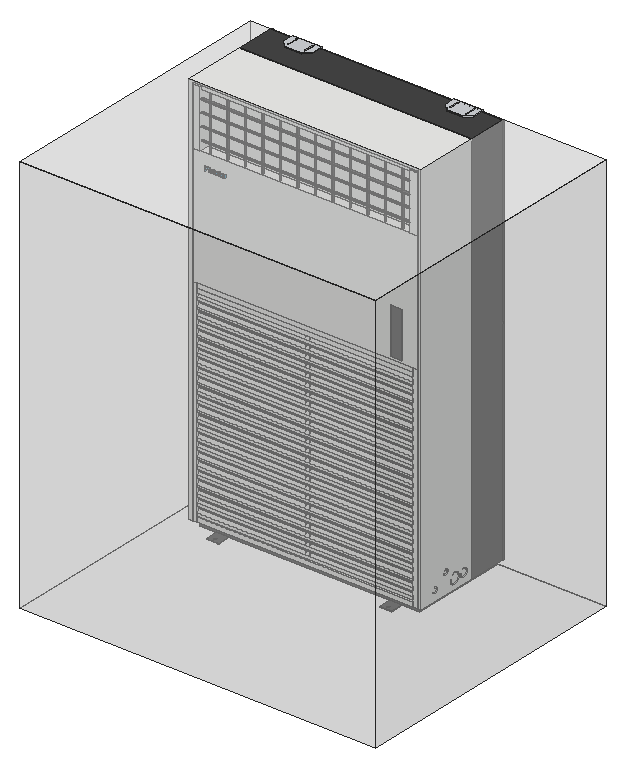
Revit family "outputfile", category 機械設備, Revit 2024
Family settings
  丸型コネクタ寸法 = 半径を使用
  パーツ タイプ = 標準
  OmniClass 番号 = 23.75.10.24.21.27.27
  OmniClass タイトル = Split System Air Conditioning Units
  作業面ベース = いいえ
  常に垂直 = はい
  ロード時にボイドで切り取り = いいえ
  注釈の向きを維持 = いいえ
  共有 = いいえ
  部屋計算ポイント = いいえ
Parameters (values of type "FVGR13PVL")
  Description = ""
  書き出し IFC クラス(タイプ) = "IfcUnitaryEquipmentType"
  定義済み IFC タイプ(タイプ) = "AIRCONDITIONINGUNIT"
  Cost = 0
  Type Comments = ""
  Keynote = ""
  Type Image = (empty or 0)
  Assembly Code = ""
  switch_frequency = yes
  lw_powersupply [instance] = if(Rear Connection_refrigerant, S + Rear_powerinput, Width / 2)  # 564.5 mm
  lw_liquidpipe [instance] = if(Rear Connection_refrigerant, S, Width / 2)  # 564.5 mm
  lw_gaspipe [instance] = if(Rear Connection_refrigerant, S + Rear_gas, Width / 2)  # 564.5 mm
  lw_drain [instance] = if(Rear Connection_refrigerant, S + Rear_drain, Width / 2)  # 564.5 mm
  lh_powersupply [instance] = if(and(Width = 1279.0 mm, Right Connection_refrigerant), 132.0 mm, if(Rear Connection_refrigerant, 83.0 mm, 82.0 mm))  # 82.0 mm
  lh_liquidpipe [instance] = if(Rear Connection_refrigerant, 83.0 mm, 132.0 mm)  # 132.0 mm
  lh_gaspipe [instance] = if(Rear Connection_refrigerant, 83.0 mm, 82.0 mm)  # 82.0 mm
  lh_drain [instance] = if(Rear Connection_refrigerant, 83.0 mm, 82.0 mm)  # 82.0 mm
  ld_powersupply [instance] = 82.0 mm  # constant formula
  ld_liquidpipe [instance] = if(Left Connection_refrigerant, 202.0 mm, 147.0 mm)  # 147.0 mm
  ld_gaspipe [instance] = 202.0 mm  # constant formula
  ld_drain [instance] = 257.0 mm  # constant formula
  l_powersupply [instance] = if(Rear Connection_refrigerant, Depth - ld_powersupply, Width / 2)  # 564.5 mm
  l_liquidpipe [instance] = if(Rear Connection_refrigerant, Depth - ld_liquidpipe, Width / 2)  # 564.5 mm
  l_gaspipe [instance] = if(Rear Connection_refrigerant, Depth - ld_gaspipe, Width / 2)  # 564.5 mm
  l_drain [instance] = if(Rear Connection_refrigerant, Depth - ld_drain, Width / 2)  # 564.5 mm
  h_mountinghole = 1.5 mm  # constant formula
  connector_voltage = Voltage_60Hz  # 220 V
  connector_powerinput = [Power Input (Cooling)]  # 12.020 kW
  connector_phase = Phase_60Hz  # 1
  URL = ""
  Rear_powerinput = if(Width = 1279.0 mm, 345.0 mm, if(Width = 1129.0 mm, 295.0 mm, 100.0 mm))  # 295.0 mm
  Rear_gas = if(Width = 959.0 mm, 300.0 mm, 100.0 mm)  # 100.0 mm
  angle_horizontal [instance] = if(Rear Connection_refrigerant, 180.00°, if(Left Connection_refrigerant, 270.00°, 90.00°))  # 90.00°
  Z = if(Width = 1279.0 mm, 50.0 mm, 0.0 mm)  # 0.0 mm
  Voltage_comment_60Hz = "220"
  Voltage_60Hz = 220 V
  S = if(or(Width = 1279.0 mm, Width = 1129.0 mm), 385.0 mm, 220.0 mm)  # 385.0 mm
  Right Connection_refrigerant [instance] = yes
  製造元 = "Daikin"
  モデル = "FVGR13PVL"
  r_Liquid Pipe Size = Liquid Pipe Size / 2  # 6.35 mm
  r_Gas Pipe Size = Gas Pipe Size / 2  # 14.3 mm
  r_Drain Pipe Size = Drain Pipe Size / 2  # 12.7 mm
  h*** = 0.0 mm  # constant formula
  Width = 1129.0 mm
  Version = "ver.1.0"
  Unit Type = "Floor Standing"
  Unit Mass Weight = 155.00 kg
  Unit Designation [instance] = ""
  Uniclass2015Version = "Products v1.30"
  Uniclass2015Title = "Split coil room air conditioning units"
  Uniclass2015Code = "Pr_70_65_03_86"
  Total Cooling Capacity [instance] = 0.000 kW
  Sound Pressure Level_M speed (dBA) = 61
  Sound Pressure Level_L speed (dBA) = 58
  Sound Pressure Level_H speed (dBA) = 65
  Sound Power Level_H speed (dB) = 0
  Series = "Package Aircon_Fan Coil Unit"
  Sensible Cooling Capacity [instance] = 0.000 kW
  Refrigerant Type = "R410A"
  Rear_drain = if(Width = 959.0 mm, 200.0 mm, 195.0 mm)  # 195.0 mm
  Rear Connection_refrigerant [instance] = no
  Power Input (Cooling) = 12.020 kW
  Phase_60Hz = 1
  Option Accessory 3 [instance] = ""
  Option Accessory 2 [instance] = ""
  Option Accessory 1 [instance] = ""
  Nominal Cooling Capacity = 35.500 kW
  Minimum External Static Pressure = 0.00 Pa
  Minimum Circuit Amps_60Hz = 0.0 A
  Minimum Airflow = 4248.00 m³/h
  Median Airflow = 4927.00 m³/h
  Maximum Fuse Amps_60Hz = 0.0 A
  Maximum External Static Pressure = 0.00 Pa
  Maximum Airflow = 5777.00 m³/h
  Material_Casing = DAIKIN_White_Casing_indoorunit
  M = if(Width = 1279.0 mm, 200.0 mm, 124.0 mm)  # 124.0 mm
  Load Classification = HVAC
  Liquid Pipe Size = 12.7 mm
  Link_Nested Family [instance] = ""
  Left Connection_refrigerant [instance] = no
  IfcVersion = ""
  IfcExportType = "AIRCONDITIONINGUNIT"
  IfcExportAs = "IfcUnitaryEquipmentType"
  Height = 1947.0 mm  # constant formula
  Heat Exchanger Type = "Cross Fin Coil"
  Gas Pipe Size = 28.6 mm
  Frequency_60Hz = 60 Hz
  Fan Type = "Sirocco Fan"
  Fan Drive = "-"
  FCU Tag No. [instance] = ""
  Drain Pipe Size = 25.4 mm
  Design Supply Airflow [instance] = 0.00 m³/h
  Design External Static Pressure [instance] = 0.00 Pa
  Depth = 500.0 mm
  既定の高さ = 0.0 mm
  Cooling Entering Wet Bulb Temperature [instance] = 0.00 °C
  Cooling Entering Dry Bulb Temperature [instance] = 0.00 °C
  Cooling Ambient Wet Bulb Temperature [instance] = 0.00 °C
  Cooling Ambient Dry Bulb Temperature [instance] = 0.00 °C
  Clearance visibility [instance] = yes
  Clearance Top = 0.0 mm
  Clearance Right [instance] = if(Right Connection_refrigerant, 500.0 mm, 100.0 mm)  # 500.0 mm
  Clearance Rear [instance] = if(Rear Connection_refrigerant, 500.0 mm, 0.0 mm)  # 0.0 mm
  Clearance Left [instance] = if(Left Connection_refrigerant, 500.0 mm, 100.0 mm)  # 100.0 mm
  Clearance Front = 900.0 mm
  Clearance Bottom = 0.0 mm
Reference planes
  plane 1: z = 0
  plane 2 "Center (Left/Right)": x = 0
  plane 3 "Center (Front/Back)": y = 157.5
  plane 4 "Front": y = -92.5
  plane 5 "Left": x = -564.5
  plane 6 "Right": x = 564.5
  plane 7 "Top": z = 1947
  plane 8: z = 1947
  plane 9: z = 0
  plane 10 "Bottom": z = 0
  plane 11 "Back": y = 407.5
  plane 12: y = 407.5
  plane 13: y = -992.5
  plane 14: x = -664.5
  plane 15: x = 1064.5
  plane 16: z = 31
  plane 17: z = 1597
  plane 18: x = -484.5
  plane 19 "c1": x = -535
  plane 20 "c2": x = 535
  plane 21 "j2": y = 402.3
  plane 22 "j1": y = -62.7
  plane 23 "R_F": y = -10.5
  plane 24 "R_G": y = 109.5
  plane 25 "R_H": y = 164.5
  plane 26 "R_X": y = 54.5
  plane 27 "R_Y": z = 82
  plane 28 "R_Z": z = 132
  plane 29 "R_interunit wiring": z = 82
  plane 30 "M": x = 440.5
  plane 31 "S": x = -179.5
  plane 32 "背面ガス": x = -79.5
  plane 33 "背面ドレン": x = 15.5
  plane 34 "背面電源": x = 115.5
  plane 35 "lh_drain": z = 82
  plane 36 "lh_gaspipe": z = 82
  plane 37 "lh_liquidpipe": z = 132
  plane 38 "lh_powersupply": z = 82
  plane 39 "lw_liquidpipe": x = 0
  plane 40 "lw_gaspipe": x = 0
  plane 41 "lw_drain": x = 0
  plane 42 "lw_powersupply": x = 0
  plane 43 "ld_powersupply": y = -10.5
  plane 44 "ld_drain": y = 164.5
  plane 45 "ld_gaspipe": y = 109.5
  plane 46 "ld_liquidpipe": y = 54.5
Forms (mm)
  Extrusion 1, solid, material "DAIKIN_Black_logo"
    sketch origin (0, 0, 0) x (-1, 0, 0) y (0, -1, 0)
      loop
        line (564.5, -405.8) -> (564.5, -215.8) -> (-564.5, -215.8) -> (-564.5, -405.8) -> (564.5, -405.8)
    from 31 to 1947
  Extrusion 2, solid, material "DAIKIN_White_Casing_indoorunit" <- "Material_Casing"
    sketch origin (0, 0, 0) x (-1, 0, 0) y (0, -1, 0)
      loop
        line (564.5, -215.8) -> (564.5, 92.5) -> (-564.5, 92.5) -> (-564.5, -215.8) -> (564.5, -215.8)
    from 31 to 1947
  Extrusion 3, solid, material "DAIKIN_Black_logo"
    sketch origin (0, 0, 0) x (-1, 0, 0) y (0, -1, 0)
      loop
        line (564.5, -407.5) -> (564.5, -405.8) -> (-564.5, -405.8) -> (-564.5, -407.5) -> (564.5, -407.5)
    from 31 to 1071
  Extrusion 4, solid, material "DAIKIN_Black_logo"
    sketch origin (0, 0, 0) x (-1, 0, 0) y (0, -1, 0)
      loop
        line (564.5, -407.5) -> (564.5, -405.8) -> (-564.5, -405.8) -> (-564.5, -407.5) -> (564.5, -407.5)
    from 1071 to 1947
  Extrusion 5, void
    sketch origin (0, -92.5, 0) x (-1, 0, 0) y (0, 0, 1)
      loop
        line (547.5, 1939.2) -> (-547.5, 1939.2) -> (-547.5, 31) -> (547.5, 31) -> (547.5, 1939.2)
    from 0 to 50
  Extrusion 6, solid, material "DAIKIN_Black_logo"
    sketch origin (0, 0, 0) x (-1, 0, 0) y (0, -1, 0)
      loop
        line (535, -402.3) -> (535, 62.7) -> (-535, 62.7) -> (-535, -402.3) -> (535, -402.3)
    from 0 to 31
  Extrusion 7, solid, material "DAIKIN_White_Casing_indoorunit" <- "Material_Casing"
    sketch origin (564.5, 0, 0) x (0, 1, 0) y (0, 0, 1)
      loop
        circle (54.5, 132) r 12.7
      loop
        circle (54.5, 132) r 11.5
    from 0 to -2
  Extrusion 8, solid, material "DAIKIN_White_Casing_indoorunit" <- "Material_Casing"
    sketch origin (564.5, 0, 0) x (0, 1, 0) y (0, 0, 1)
      loop
        circle (109.5, 82) r 25.4
      loop
        circle (109.5, 82) r 24.2
    from 0 to -3
  Extrusion 9, solid, material "DAIKIN_White_Casing_indoorunit" <- "Material_Casing"
    sketch origin (564.5, 0, 0) x (0, 1, 0) y (0, 0, 1)
      loop
        circle (164.5, 82) r 19.05
      loop
        circle (164.5, 82) r 17.85
    from 0 to -3
  Extrusion 10, solid, material "DAIKIN_White_Casing_indoorunit" <- "Material_Casing"
    sketch origin (564.5, 0, 0) x (0, 1, 0) y (0, 0, 1)
      loop
        circle (-10.5, 82) r 12.7
      loop
        circle (-10.5, 82) r 11.5
    from 0 to -3
  Extrusion 11, solid, material "DAIKIN_White_Casing_indoorunit" <- "Material_Casing"
    sketch origin (-564.5, 0, 0) x (0, 1, 0) y (0, 0, 1)
      loop
        circle (109.5, 132) r 12.7
      loop
        circle (109.5, 132) r 11.5
    from 0 to 3
  Extrusion 12, solid, material "DAIKIN_White_Casing_indoorunit" <- "Material_Casing"
    sketch origin (-564.5, 0, 0) x (0, 1, 0) y (0, 0, 1)
      loop
        circle (109.5, 82) r 25.4
      loop
        circle (109.5, 82) r 24.2
    from 0 to 3
  Extrusion 13, solid, material "DAIKIN_White_Casing_indoorunit" <- "Material_Casing"
    sketch origin (-564.5, 0, 0) x (0, 1, 0) y (0, 0, 1)
      loop
        circle (164.5, 82) r 19.05
      loop
        circle (164.5, 82) r 17.85
    from 0 to 3
  Extrusion 14, solid, material "DAIKIN_White_Casing_indoorunit"
    sketch origin (-564.5, 0, 0) x (0, 1, 0) y (0, 0, 1)
      loop
        circle (-10.5, 82) r 12.7
      loop
        circle (-10.5, 82) r 11.5
    from 0 to 3
  Extrusion 15, solid, material "DAIKIN_White_Casing_indoorunit"
    sketch origin (0, 407.5, 0) x (-1, 0, 0) y (0, 0, 1)
      loop
        line (-440.5, 182) -> (-440.5, 82) -> (-215.5, 82) -> (-215.5, 182) -> (-440.5, 182)
    from 0 to -1.7
  Extrusion 16, solid, material "DAIKIN_White_Casing_indoorunit" <- "Material_Casing"
    sketch origin (0, 407.5, 0) x (-1, 0, 0) y (0, 0, 1)
      loop
        circle (179.5, 83) r 12.7
      loop
        circle (179.5, 83) r 11.5
    from 0 to -1.7
  Extrusion 17, solid, material "DAIKIN_White_Casing_indoorunit" <- "Material_Casing"
    sketch origin (0, 407.5, 0) x (-1, 0, 0) y (0, 0, 1)
      loop
        circle (79.5, 83) r 25.4
      loop
        circle (79.5, 83) r 24.2
    from 0 to -1.7
  Extrusion 18, solid, material "DAIKIN_White_Casing_indoorunit" <- "Material_Casing"
    sketch origin (0, 407.5, 0) x (-1, 0, 0) y (0, 0, 1)
      loop
        circle (-15.5, 83) r 19.05
      loop
        circle (-15.5, 83) r 17.85
    from 0 to -1.7
  Extrusion 19, solid, material "DAIKIN_White_Casing_indoorunit" <- "Material_Casing"
    sketch origin (0, 407.5, 0) x (-1, 0, 0) y (0, 0, 1)
      loop
        circle (-115.5, 83) r 12.7
      loop
        circle (-115.5, 83) r 11.473
    from 0 to -1.7
Cuts and joins
  Extrusion 5 cuts Extrusion 2
Dimensions and locks
  "h***": plane 10 "Bottom" to plane 1
  "Clearance Bottom": plane 10 "Bottom" to plane 9
  "Height": plane 7 "Top" to plane 10 "Bottom"
  "Clearance Top": plane 8 to plane 7 "Top"
  equal spacing: plane 11 "Back", plane 3 "Center (Front/Back)", plane 4 "Front"
  "Depth": plane 11 "Back" to plane 4 "Front"
  "Clearance Rear": plane 12 to plane 11 "Back"
  "Clearance Front": plane 4 "Front" to plane 13
  "Clearance Left": plane 14 to plane 5 "Left"
  "Clearance Right": plane 6 "Right" to plane 15
  equal spacing: plane 5 "Left", plane 2 "Center (Left/Right)", plane 6 "Right"
  "Width": plane 5 "Left" to plane 6 "Right"
  locked: plane 11 "Back" to Extrusion 1 sketch curve at 191.7
  locked: Extrusion 1 sketch curve to Extrusion 1 sketch curve at 190
  locked: plane 16 to plane 10 "Bottom" at 31
  Extrusion 5 sketch curve to plane 5 "Left" = 17.0 mm
  plane 6 "Right" to Extrusion 5 sketch curve = 17.0 mm
  plane 7 "Top" to Extrusion 5 sketch curve = 7.8 mm
  locked: plane 7 "Top" to plane 17 at 350
  locked: plane 18 to plane 5 "Left" at 80
  locked: plane 21 "j2" to plane 11 "Back" at 5.2
  locked: plane 4 "Front" to plane 22 "j1" at 29.8
  locked: plane 20 "c2" to plane 6 "Right" at 29.5
  locked: plane 5 "Left" to plane 19 "c1" at 29.5
  locked: plane 4 "Front" to plane 23 "R_F" at 82
  locked: plane 23 "R_F" to plane 24 "R_G" at 120
  locked: plane 24 "R_G" to plane 25 "R_H" at 55
  locked: plane 4 "Front" to plane 26 "R_X" at 147
  locked: plane 27 "R_Y" to plane 10 "Bottom" at 82
  locked: plane 28 "R_Z" to plane 27 "R_Y" at 50
  "Z": plane 29 "R_interunit wiring" to plane 27 "R_Y"
  "M": plane 6 "Right" to plane 30 "M"
  locked: Extrusion 15 sketch curve to Extrusion 15 sketch curve at 225
  locked: plane 10 "Bottom" to Extrusion 15 sketch curve at 82
  locked: Extrusion 15 sketch curve to Extrusion 15 sketch curve at 100
  "S": plane 31 "S" to plane 5 "Left"
  locked: plane 16 to Extrusion 16 sketch curve at 52  (x2)
  "Rear_gas": plane 31 "S" to plane 32 "背面ガス"
  locked: plane 16 to Extrusion 17 sketch curve at 52
  "Rear_drain": plane 33 "背面ドレン" to plane 31 "S"
  locked: plane 16 to Extrusion 18 sketch curve at 52  (x2)
  "Rear_powerinput": plane 31 "S" to plane 34 "背面電源"
  locked: plane 16 to Extrusion 19 sketch curve at 52  (x2)
  "lh_liquidpipe": plane 37 "lh_liquidpipe" to plane 10 "Bottom"
  "lh_gaspipe": plane 36 "lh_gaspipe" to plane 10 "Bottom"
  "lh_drain": plane 35 "lh_drain" to plane 10 "Bottom"
  "lh_powersupply": plane 38 "lh_powersupply" to plane 10 "Bottom"
  "lw_liquidpipe": plane 5 "Left" to plane 39 "lw_liquidpipe"
  "lw_gaspipe": plane 5 "Left" to plane 40 "lw_gaspipe"
  "lw_drain": plane 5 "Left" to plane 41 "lw_drain"
  "lw_powersupply": plane 5 "Left" to plane 42 "lw_powersupply"
  "ld_liquidpipe": plane 46 "ld_liquidpipe" to plane 4 "Front"
  "ld_gaspipe": plane 45 "ld_gaspipe" to plane 4 "Front"
  "ld_drain": plane 44 "ld_drain" to plane 4 "Front"
  "ld_powersupply": plane 43 "ld_powersupply" to plane 4 "Front"
  aligned and locked: level to plane 1
  aligned and locked: plane 8 to nested 1
  aligned and locked: plane 9 to nested 1
  aligned and locked: plane 12 to nested 1
  aligned and locked: nested 1 to plane 13
  aligned and locked: plane 14 to nested 1
  aligned and locked: plane 15 to nested 1
  aligned and locked: plane 5 "Left" to Extrusion 1 sketch curve
  aligned and locked: Extrusion 1 sketch curve to plane 6 "Right"
  aligned and locked: plane 7 "Top" to Extrusion 1
  aligned and locked: Extrusion 1 to plane 16
  aligned and locked: Extrusion 2 sketch curve to Extrusion 1
  aligned and locked: plane 5 "Left" to Extrusion 2 sketch curve
  aligned and locked: Extrusion 2 sketch curve to plane 6 "Right"
  aligned and locked: plane 4 "Front" to Extrusion 2 sketch curve
  aligned and locked: Extrusion 2 to plane 16
  aligned and locked: plane 7 "Top" to Extrusion 2
  aligned and locked: plane 5 "Left" to Extrusion 3 sketch curve
  aligned and locked: Extrusion 3 sketch curve to plane 6 "Right"
  aligned and locked: Extrusion 3 sketch curve to plane 11 "Back"
  aligned and locked: Extrusion 3 sketch curve to Extrusion 1
  aligned and locked: Extrusion 3 to plane 16
  aligned and locked: Extrusion 4 sketch curve to plane 11 "Back"
  aligned and locked: Extrusion 4 sketch curve to plane 5 "Left"
  aligned and locked: plane 6 "Right" to Extrusion 4 sketch curve
  aligned and locked: Extrusion 4 sketch curve to Extrusion 3
  aligned and locked: plane 7 "Top" to Extrusion 4
  aligned and locked: plane 4 "Front" to nested 2
  aligned and locked: plane 2 "Center (Left/Right)" to nested 2
  aligned and locked: plane 10 "Bottom" to nested 2
  aligned and locked: plane 16 to Extrusion 5 sketch curve
  aligned and locked: nested 3 to plane 4 "Front"
  aligned and locked: plane 17 to nested 3
  aligned and locked: plane 18 to nested 3
  aligned and locked: Extrusion 6 sketch curve to plane 21 "j2"
  aligned and locked: Extrusion 6 sketch curve to plane 19 "c1"
  aligned and locked: plane 20 "c2" to Extrusion 6 sketch curve
  aligned and locked: plane 22 "j1" to Extrusion 6 sketch curve
  aligned and locked: plane 16 to Extrusion 6
  aligned and locked: Extrusion 6 to plane 10 "Bottom"
  aligned and locked: nested 4 to plane 3 "Center (Front/Back)"
  aligned and locked: plane 2 "Center (Left/Right)" to nested 4
  aligned and locked: plane 10 "Bottom" to nested 4
  aligned and locked: plane 28 "R_Z" to Extrusion 7 sketch curve  (x2)
  aligned and locked: Extrusion 7 sketch curve to plane 26 "R_X"  (x2)
  aligned and locked: Extrusion 8 sketch curve to plane 24 "R_G"
  aligned and locked: plane 27 "R_Y" to Extrusion 8 sketch curve
  aligned and locked: Extrusion 9 sketch curve to plane 25 "R_H"  (x2)
  aligned and locked: plane 27 "R_Y" to Extrusion 9 sketch curve  (x2)
  aligned and locked: Extrusion 10 sketch curve to plane 23 "R_F"  (x2)
  aligned and locked: plane 29 "R_interunit wiring" to Extrusion 10 sketch curve  (x2)
  aligned and locked: plane 28 "R_Z" to Extrusion 11 sketch curve  (x2)
  aligned and locked: plane 24 "R_G" to Extrusion 11 sketch curve  (x2)
  aligned and locked: plane 24 "R_G" to Extrusion 12 sketch curve
  aligned and locked: plane 27 "R_Y" to Extrusion 12 sketch curve
  aligned and locked: plane 25 "R_H" to Extrusion 13 sketch curve  (x2)
  aligned and locked: plane 27 "R_Y" to Extrusion 13 sketch curve  (x2)
  aligned and locked: plane 23 "R_F" to Extrusion 14 sketch curve  (x2)
  aligned and locked: plane 27 "R_Y" to Extrusion 14 sketch curve  (x2)
  aligned and locked: Extrusion 15 sketch curve to plane 30 "M"
  aligned and locked: plane 31 "S" to Extrusion 16 sketch curve  (x2)
  aligned and locked: Extrusion 17 sketch curve to plane 32 "背面ガス"  (x2)
  aligned and locked: Extrusion 18 sketch curve to plane 33 "背面ドレン"  (x2)
  aligned and locked: Extrusion 19 sketch curve to plane 34 "背面電源"  (x2)
  aligned and locked: nested 10 to plane 40 "lw_gaspipe"
  aligned and locked: nested 12 to plane 42 "lw_powersupply"
  aligned and locked: nested 11 to plane 41 "lw_drain"
  aligned and locked: nested 9 to plane 39 "lw_liquidpipe"
  aligned and locked: nested 9 to plane 46 "ld_liquidpipe"
  aligned and locked: nested 10 to plane 45 "ld_gaspipe"
  aligned and locked: nested 11 to plane 44 "ld_drain"
  aligned and locked: nested 12 to plane 43 "ld_powersupply"
  aligned and locked: nested 13 to plane 11 "Back"
  aligned and locked: plane 2 "Center (Left/Right)" to nested 13
  aligned and locked: plane 7 "Top" to nested 13
Automatic sketch dimensions
  Extrusion 8 sketch curve to Extrusion 8 sketch curve = 0.0 mm  (x2)
  Extrusion 12 sketch curve to Extrusion 12 sketch curve = 0.0 mm  (x2)
  Extrusion 17 sketch curve to Extrusion 17 sketch curve = 0.0 mm
  radius of Extrusion 7 sketch curve = 12.7 mm
  radius of Extrusion 7 sketch curve = 11.5 mm
  radius of Extrusion 8 sketch curve = 25.4 mm
  radius of Extrusion 8 sketch curve = 24.2 mm
  radius of Extrusion 9 sketch curve = 19.05 mm
  radius of Extrusion 9 sketch curve = 17.85 mm
  radius of Extrusion 10 sketch curve = 12.7 mm
  radius of Extrusion 10 sketch curve = 11.5 mm
  radius of Extrusion 11 sketch curve = 12.7 mm
  radius of Extrusion 11 sketch curve = 11.5 mm
  radius of Extrusion 12 sketch curve = 25.4 mm
  radius of Extrusion 12 sketch curve = 24.2 mm
  radius of Extrusion 13 sketch curve = 19.05 mm
  radius of Extrusion 13 sketch curve = 17.85 mm
  radius of Extrusion 14 sketch curve = 12.7 mm
  radius of Extrusion 14 sketch curve = 11.5 mm
  radius of Extrusion 16 sketch curve = 12.7 mm
  radius of Extrusion 16 sketch curve = 11.5 mm
  radius of Extrusion 17 sketch curve = 25.4 mm
  radius of Extrusion 17 sketch curve = 24.2 mm
  radius of Extrusion 18 sketch curve = 19.05 mm
  radius of Extrusion 18 sketch curve = 17.85 mm
  radius of Extrusion 19 sketch curve = 12.7 mm
  radius of Extrusion 19 sketch curve = 11.473 mm
Nested families
  nested 1: "daikin_clearancespace" at (200, -292.5, 973.619), visible <- "Clearance visibility", show <- "Clearance visibility", Link_Nested Family <- "Link_Nested Family", type "daikin_clearancespace"
    with width 1729.0 mm, show yes, height 1947.0 mm, depth 1400.0 mm, Link_Nested Family ""
  nested 2: "daikin_round flow_panel" at (0, -42.5, 0), type "daikin_round flow_panel"
    with n 12, A 1129.0 mm
  nested 3: "daikin_logo_elevation_w100" at (-419.5, -92.5, 1572), type "daikin_logo_elevation_w100"
    with show_logo yes
  nested 4: "daikin_unit monting plae" at (0, 157.5, 0), type "daikin_unit monting plae"
    with u 145.0 mm, U 840.0 mm, A 1129.0 mm
  nested 5: "daikin_mountinghole" at (-419.5, 452.3, 0), type "daikin_mountinghole"
    with show yes, l_antenna 1946.5 mm, h_mountinghole 1.5 mm, Link_Nested Family ""
  nested 6: "daikin_mountinghole" at (-419.5, -112.7, 0), type "daikin_mountinghole"
    with show yes, l_antenna 1946.5 mm, h_mountinghole 1.5 mm, Link_Nested Family ""
  nested 7: "daikin_mountinghole" at (420.5, -112.7, 0), type "daikin_mountinghole"
    with show yes, l_antenna 1946.5 mm, h_mountinghole 1.5 mm, Link_Nested Family ""
  nested 8: "daikin_mountinghole" at (420.5, 452.3, 0), type "daikin_mountinghole"
    with show yes, l_antenna 1946.5 mm, h_mountinghole 1.5 mm, Link_Nested Family ""
  nested 9: "daikin_connector_rotate3" at (0, 54.5, 132), radius <- "r_Liquid Pipe Size", angle_horizontal <- "angle_horizontal", length <- "l_liquidpipe", type "*"
    with radius 6.35 mm, length 564.5 mm, angle_vertical 90.00°, angle_horizontal 90.00°, show_line no, show_face no
  nested 10: "daikin_connector_rotate3" at (0, 109.5, 82), radius <- "r_Gas Pipe Size", angle_horizontal <- "angle_horizontal", length <- "l_gaspipe", type "*"
    with radius 14.3 mm, length 564.5 mm, angle_vertical 90.00°, angle_horizontal 90.00°, show_line no, show_face no
  nested 11: "daikin_connector_rotate3" at (0, 164.5, 82), radius <- "r_Drain Pipe Size", angle_horizontal <- "angle_horizontal", length <- "l_drain", type "*"
    with radius 12.7 mm, length 564.5 mm, angle_vertical 90.00°, angle_horizontal 90.00°, show_line no, show_face no
  nested 12: "daikin_connector_rotate3" at (0, -10.5, 82), angle_horizontal <- "angle_horizontal", length <- "l_powersupply", type "*"
    with radius 12.7 mm, length 564.5 mm, angle_vertical 90.00°, angle_horizontal 90.00°, show_line no, show_face no
  nested 13: "daikin_wall monting plae" at (0, 407.5, 1947), type "daikin_wall monting plae"
    with U 785.0 mm, A 1129.0 mm
Connectors
  piping at (564.5, 54.5, 132), diameter 12.7, driven by "r_Liquid Pipe Size"
    settings: on nested 9, index 1, connector inside diameter 609.6 mm, connector length 0.0 mm, flow factor 0, pipe flow 0.00 m³/h, pressure drop 0.0 Pa, fitting loss kfactor 0, connector angle 0.00°, fixture units 0, engagement length 0.0 mm, angle of deflection 0.00°, flow configuration 1, flow direction 1, fitting loss method 0, system type 29, joint type 0, gender type 0, connector reference index -1, connector utility 0, adjustable connector no, is connector primary yes, connector description "Refrigerant Liquid Piping"
  piping at (564.5, 109.5, 82), diameter 28.6, driven by "r_Gas Pipe Size"
    settings: on nested 10, index 2, connector inside diameter 609.6 mm, connector length 0.0 mm, flow factor 0, pipe flow 0.00 m³/h, pressure drop 0.0 Pa, fitting loss kfactor 0, connector angle 0.00°, fixture units 0, engagement length 0.0 mm, angle of deflection 0.00°, flow configuration 1, flow direction 2, fitting loss method 0, system type 29, joint type 0, gender type 0, connector reference index -1, connector utility 0, adjustable connector no, is connector primary no, connector description "Refrigerant Gas Piping"
  piping at (564.5, 164.5, 82), diameter 25.4, driven by "r_Drain Pipe Size"
    settings: on nested 11, index 3, connector inside diameter 609.6 mm, connector length 0.0 mm, flow factor 0, pipe flow 0.00 m³/h, pressure drop 0.0 Pa, fitting loss kfactor 0, connector angle 0.00°, fixture units 0, engagement length 0.0 mm, angle of deflection 0.00°, flow configuration 1, flow direction 2, fitting loss method 4, system type 16, joint type 0, gender type 0, connector reference index -1, connector utility 0, adjustable connector no, is connector primary no, connector description "Condensate Drain Piping"
  electrical at (564.5, -10.5, 82), driven by "connector_phase", driven by "Load Classification", driven by "connector_voltage", driven by "connector_powerinput"
    settings: on nested 12, index 4, voltage 220 V, apparent load 12020 VA, apparent load phase1 0 VA, apparent load phase2 0 VA, apparent load phase3 0 VA, power factor 1, load classification "HVAC", number of poles 1, system type 30, power factor state 1, is connector primary yes, connector utility no, sub classification motor no, connector description "Power Supply"
Definition of nested family "daikin_clearancespace"
  Parameters (values of type "daikin_clearancespace")
    Description = "daikin_clearancespace"
    width [instance] = 1823.963 mm
    show [instance] = yes
    material = none
    height [instance] = 1359.762 mm
    depth [instance] = 880.0 mm
    Default Elevation = 0.0 mm
    Link_Nested Family [instance] = ""
  Reference planes
    plane 1 "Center (Front/Back)": y = 0
    plane 2 "Center (Elevation)": z = -0.119
    plane 3 "Center (Left/Right)": x = 0
    plane 4: y = 440
    plane 5: y = -440
    plane 6 "Right": x = 911.982
    plane 7 "Left": x = -911.982
    plane 8 "Top": z = 679.762
    plane 9 "Bottom": z = -680
  Forms (mm)
    Extrusion 1, solid, material <- "material", visible <- "show"
      sketch origin (0, 0, 0) x (1, 0, 0) y (0, 1, 0)
        loop
          line (-911.982, 440) -> (-911.982, -440) -> (911.982, -440) -> (911.982, 440) -> (-911.982, 440)
      from -680 to 679.762
  Lines and regions (mm)
    symbolic lines, visible <- "show"
      curve 1: line (911.982, 440, 0) -> (-911.982, 440, 0)
      curve 2: line (-911.982, 440, 0) -> (-911.982, -440, 0)
      curve 3: line (-911.982, -440, 0) -> (911.982, -440, 0)
      curve 4: line (911.982, -440, 0) -> (911.982, 440, 0)
      curve 5: line (911.982, 0, 679.762) -> (-911.982, 0, 679.762)
      curve 6: line (911.982, 0, -680) -> (911.982, 0, 679.762)
      curve 7: line (-911.982, 0, -680) -> (911.982, 0, -680)
      curve 8: line (-911.982, 0, 679.762) -> (-911.982, 0, -680)
      curve 9: line (0, 440, 679.762) -> (0, -440, 679.762)
      curve 10: line (0, -440, 679.762) -> (0, -440, -680)
      curve 11: line (0, 440, -680) -> (0, 440, 679.762)
      curve 12: line (0, -440, -680) -> (0, 440, -680)
  Dimensions and locks
    "width": plane 7 "Left" to plane 6 "Right"
    "depth": plane 4 to plane 5
    "height": plane 8 "Top" to plane 9 "Bottom"
    equal spacing: plane 7 "Left", plane 3 "Center (Left/Right)", plane 6 "Right"
    equal spacing: plane 4, plane 1 "Center (Front/Back)", plane 5
    equal spacing: plane 8 "Top", plane 2 "Center (Elevation)", plane 9 "Bottom"
    aligned and locked: level to plane 2 "Center (Elevation)"
    aligned and locked: Extrusion 1 sketch curve to plane 4
    aligned and locked: plane 7 "Left" to Extrusion 1 sketch curve
    aligned and locked: Extrusion 1 sketch curve to plane 5
    aligned and locked: Extrusion 1 sketch curve to plane 6 "Right"
    aligned and locked: plane 8 "Top" to Extrusion 1
    aligned and locked: curve 1 to Extrusion 1
    aligned and locked: curve 2 to Extrusion 1
    aligned and locked: curve 3 to Extrusion 1
    aligned and locked: curve 4 to Extrusion 1
    aligned and locked: curve 5 to Extrusion 1
    aligned and locked: curve 6 to Extrusion 1
    aligned and locked: curve 7 to Extrusion 1
    aligned and locked: curve 8 to Extrusion 1
    aligned and locked: curve 9 to Extrusion 1
    aligned and locked: curve 10 to Extrusion 1
    aligned and locked: curve 11 to Extrusion 1
    aligned and locked: curve 12 to Extrusion 1
    aligned and locked: Extrusion 1 to plane 9 "Bottom"
Definition of nested family "daikin_round flow_panel"
  Parameters (values of type "daikin_round flow_panel")
    n = if(A = 1129.0 mm, 12, if(A = 1279.0 mm, 14, 10))  # 10
    material = none
    a = if(A = 1279.0 mm, 85.0 mm, 95.0 mm)  # 95.0 mm
    E = 1071.0 mm  # constant formula
    Default Elevation = 0.0 mm
    D = 581.0 mm  # constant formula
    B = 1947.0 mm  # constant formula
    A = 959.0 mm
  Reference planes
    plane 1 "Center (Front/Back)": y = 0
    plane 2: z = 0
    plane 3 "Center (Left/Right)": x = 0
    plane 4: z = 31
    plane 5: z = 1071
    plane 6: z = 1652
    plane 7: z = 1947
    plane 8: x = -479.5
    plane 9: x = 479.5
    plane 10: y = -50
    plane 11: x = -462.5
    plane 12: x = 462.5
    plane 13: z = 1939.2
    plane 14: x = -384.5
    plane 15: y = -44
    plane 16: y = -50
    plane 17: x = -299.5
    plane 18: x = -299.5
    plane 19: y = -44
    plane 20: y = -50
    plane 21: x = -214.5
    plane 22: x = -214.5
    plane 23: y = -44
    plane 24: y = -50
    plane 25: x = -129.5
    plane 26: x = -129.5
    plane 27: y = -44
    plane 28: y = -50
    plane 29: x = -44.5
    plane 30: x = -44.5
    plane 31: y = -44
    plane 32: y = -50
    plane 33: x = 40.5
    plane 34: x = 40.5
    plane 35: y = -44
    plane 36: y = -50
    plane 37: x = 125.5
    plane 38: x = 125.5
    plane 39: y = -44
    plane 40: y = -50
    plane 41: x = 210.5
    plane 42: x = 210.5
    plane 43: y = -44
    plane 44: y = -50
    plane 45: x = 295.5
    plane 46: x = 295.5
    plane 47: y = -44
    plane 48: y = -50
    plane 49: x = 380.5
    plane 50: x = 380.5
    plane 51: y = -44
    plane 52: y = -50
    plane 53: x = 465.5
  Forms (mm)
    Extrusion 1, solid, material <- "material"
      sketch origin (0, 0, 0) x (1, 0, 0) y (0, 0, 1)
        loop
          line (-462.5, 1652) -> (-462.5, 1071) -> (462.5, 1071) -> (462.5, 1652) -> (-462.5, 1652)
        loop
          line (331.5, 1306) -> (331.5, 1084) -> (383.5, 1084) -> (383.5, 1306) -> (331.5, 1306)
      from 0 to 50
    Extrusion 2, solid
      sketch origin (0, 0, 0) x (1, 0, 0) y (0, 0, 1)
        loop
          line (331.5, 1306) -> (331.5, 1084) -> (383.5, 1084) -> (383.5, 1306) -> (331.5, 1306)
      from 0 to 50
    Extrusion 3, solid, material <- "material"
      sketch origin (0, 0, 0) x (1, 0, 0) y (0, 0, 1)
        loop
          line (-462.5, 1929.9) -> (-462.5, 1652) -> (-424.7, 1652) -> (-424.7, 1929.9) -> (-462.5, 1929.9)
        loop
          line (424.7, 1929.9) -> (424.7, 1652) -> (462.5, 1652) -> (462.5, 1929.9) -> (424.7, 1929.9)
      from 0 to 50
    Extrusion 4, solid, material <- "material"
      sketch origin (0, 0, 0) x (1, 0, 0) y (0, 0, 1)
        loop
          line (-462.5, 1939.2) -> (-462.5, 1921.2) -> (462.5, 1921.2) -> (462.5, 1939.2) -> (-462.5, 1939.2)
      from 0 to 48.3
    Extrusion 5, solid
      sketch origin (-328.229, -1524, 1652) x (-1, 0, 0) y (0, -1, 0)
        loop
          line (56.271, -1486) -> (56.271, -1480) -> (52.271, -1480) -> (52.271, -1486) -> (56.271, -1486)
      from 0 to 269.2
    Extrusion 6, solid
      sketch origin (-243.229, -1524, 1652) x (-1, 0, 0) y (0, -1, 0)
        loop
          line (56.271, -1486) -> (56.271, -1480) -> (52.271, -1480) -> (52.271, -1486) -> (56.271, -1486)
      from 0 to 269.2
    Extrusion 7, solid
      sketch origin (-158.229, -1524, 1652) x (-1, 0, 0) y (0, -1, 0)
        loop
          line (56.271, -1486) -> (56.271, -1480) -> (52.271, -1480) -> (52.271, -1486) -> (56.271, -1486)
      from 0 to 269.2
    Extrusion 8, solid
      sketch origin (-73.229, -1524, 1652) x (-1, 0, 0) y (0, -1, 0)
        loop
          line (56.271, -1486) -> (56.271, -1480) -> (52.271, -1480) -> (52.271, -1486) -> (56.271, -1486)
      from 0 to 269.2
    Extrusion 9, solid
      sketch origin (11.771, -1524, 1652) x (-1, 0, 0) y (0, -1, 0)
        loop
          line (56.271, -1486) -> (56.271, -1480) -> (52.271, -1480) -> (52.271, -1486) -> (56.271, -1486)
      from 0 to 269.2
    Extrusion 10, solid
      sketch origin (96.771, -1524, 1652) x (-1, 0, 0) y (0, -1, 0)
        loop
          line (56.271, -1486) -> (56.271, -1480) -> (52.271, -1480) -> (52.271, -1486) -> (56.271, -1486)
      from 0 to 269.2
    Extrusion 11, solid
      sketch origin (181.771, -1524, 1652) x (-1, 0, 0) y (0, -1, 0)
        loop
          line (56.271, -1486) -> (56.271, -1480) -> (52.271, -1480) -> (52.271, -1486) -> (56.271, -1486)
      from 0 to 269.2
    Extrusion 12, solid
      sketch origin (266.771, -1524, 1652) x (-1, 0, 0) y (0, -1, 0)
        loop
          line (56.271, -1486) -> (56.271, -1480) -> (52.271, -1480) -> (52.271, -1486) -> (56.271, -1486)
      from 0 to 269.2
    Extrusion 13, solid
      sketch origin (351.771, -1524, 1652) x (-1, 0, 0) y (0, -1, 0)
        loop
          line (56.271, -1486) -> (56.271, -1480) -> (52.271, -1480) -> (52.271, -1486) -> (56.271, -1486)
      from 0 to 269.2
    Extrusion 14, solid
      sketch origin (436.771, -1524, 1652) x (-1, 0, 0) y (0, -1, 0)
        loop
          line (56.271, -1486) -> (56.271, -1480) -> (52.271, -1480) -> (52.271, -1486) -> (56.271, -1486)
      from 0 to 269.2
    Extrusion 15, solid
      sketch origin (0, 0, 0) x (0, 1, 0) y (0, 0, 1)
        loop
          line (-48.3, 1700.201) -> (-48.3, 1697.519) -> (-44, 1693.61) -> (-44, 1704.11) -> (-48.3, 1700.201)
        loop
          line (-48.3, 1760.201) -> (-48.3, 1757.519) -> (-44, 1753.61) -> (-44, 1764.11) -> (-48.3, 1760.201)
        loop
          line (-48.3, 1820.201) -> (-48.3, 1817.519) -> (-44, 1813.61) -> (-44, 1824.11) -> (-48.3, 1820.201)
        loop
          line (-48.3, 1880.201) -> (-48.3, 1877.519) -> (-44, 1873.61) -> (-44, 1884.11) -> (-48.3, 1880.201)
      from -424.7 to 424.7
    Extrusion 16, solid, material <- "material"
      sketch origin (0, 0, 0) x (1, 0, 0) y (0, 0, 1)
        loop
          line (-462.5, 1071) -> (-462.5, 31) -> (-439.5, 31) -> (-439.5, 1071) -> (-462.5, 1071)
        loop
          line (462.5, 1071) -> (439.5, 1071) -> (439.5, 31) -> (462.5, 31) -> (462.5, 1071)
      from 0 to 50
    Extrusion 17, solid, material <- "material"
      sketch origin (0, 0, 0) x (1, 0, 0) y (0, 0, 1)
        loop
          line (-439.5, 1071) -> (-439.5, 1052.4) -> (439.5, 1052.4) -> (439.5, 1071) -> (-439.5, 1071)
        loop
          line (-439.5, 55) -> (-439.5, 31) -> (439.5, 31) -> (439.5, 55) -> (-439.5, 55)
      from 0 to 50
    Extrusion 18, solid, material <- "material"
      sketch origin (0, 0, 0) x (1, 0, 0) y (0, 1, 0)
        loop
          line (-20, -44) -> (0, -44) -> (0, -38) -> (-20, -38) -> (-20, -44)
      from 55 to 1052.4
    Extrusion 19, solid, material <- "material"
      sketch origin (0, 0, 0) x (1, 0, 0) y (0, 1, 0)
        loop
          line (0, -38) -> (0, -44) -> (20, -44) -> (20, -38) -> (0, -38)
      from 55 to 1052.4
    Extrusion 20, solid, material <- "material"
      sketch origin (4267.2, -50, 94) x (0, 0, 1) y (1, 0, 0)
        loop
          line (958.4, -4706.7) -> (958.4, -3827.7) -> (936.9, -3827.7) -> (936.9, -4706.7) -> (958.4, -4706.7)
      from 6 to 0
    Extrusion 21, solid, material <- "material"
      sketch origin (0, 0, 0) x (0, 1, 0) y (0, 0, 1)
        loop
          line (-47, 93.8) -> (-47, 90.8) -> (-50, 73) -> (-50, 61) -> (-44, 61) -> (-44, 93.8) -> (-47, 93.8)
        loop
          line (-47, 134.6) -> (-47, 131.6) -> (-50, 113.8) -> (-50, 101.8) -> (-44, 101.8) -> (-44, 134.6) -> (-47, 134.6)
        loop
          line (-47, 175.4) -> (-47, 172.4) -> (-50, 154.6) -> (-50, 142.6) -> (-44, 142.6) -> (-44, 175.4) -> (-47, 175.4)
        loop
          line (-47, 216.2) -> (-47, 213.2) -> (-50, 195.4) -> (-50, 183.4) -> (-44, 183.4) -> (-44, 216.2) -> (-47, 216.2)
        loop
          line (-47, 257) -> (-47, 254) -> (-50, 236.2) -> (-50, 224.2) -> (-44, 224.2) -> (-44, 257) -> (-47, 257)
        loop
          line (-47, 297.8) -> (-47, 294.8) -> (-50, 277) -> (-50, 265) -> (-44, 265) -> (-44, 297.8) -> (-47, 297.8)
        loop
          line (-47, 338.6) -> (-47, 335.6) -> (-50, 317.8) -> (-50, 305.8) -> (-44, 305.8) -> (-44, 338.6) -> (-47, 338.6)
        loop
          line (-47, 379.4) -> (-47, 376.4) -> (-50, 358.6) -> (-50, 346.6) -> (-44, 346.6) -> (-44, 379.4) -> (-47, 379.4)
        loop
          line (-47, 420.2) -> (-47, 417.2) -> (-50, 399.4) -> (-50, 387.4) -> (-44, 387.4) -> (-44, 420.2) -> (-47, 420.2)
        loop
          line (-47, 461) -> (-47, 458) -> (-50, 440.2) -> (-50, 428.2) -> (-44, 428.2) -> (-44, 461) -> (-47, 461)
        loop
          line (-47, 501.8) -> (-47, 498.8) -> (-50, 481) -> (-50, 469) -> (-44, 469) -> (-44, 501.8) -> (-47, 501.8)
        loop
          line (-47, 542.6) -> (-47, 539.6) -> (-50, 521.8) -> (-50, 509.8) -> (-44, 509.8) -> (-44, 542.6) -> (-47, 542.6)
        loop
          line (-47, 583.4) -> (-47, 580.4) -> (-50, 562.6) -> (-50, 550.6) -> (-44, 550.6) -> (-44, 583.4) -> (-47, 583.4)
        loop
          line (-47, 624.2) -> (-47, 621.2) -> (-50, 603.4) -> (-50, 591.4) -> (-44, 591.4) -> (-44, 624.2) -> (-47, 624.2)
        loop
          line (-47, 665) -> (-47, 662) -> (-50, 644.2) -> (-50, 632.2) -> (-44, 632.2) -> (-44, 665) -> (-47, 665)
        loop
          line (-47, 705.8) -> (-47, 702.8) -> (-50, 685) -> (-50, 673) -> (-44, 673) -> (-44, 705.8) -> (-47, 705.8)
        loop
          line (-47, 746.6) -> (-47, 743.6) -> (-50, 725.8) -> (-50, 713.8) -> (-44, 713.8) -> (-44, 746.6) -> (-47, 746.6)
        loop
          line (-47, 787.4) -> (-47, 784.4) -> (-50, 766.6) -> (-50, 754.6) -> (-44, 754.6) -> (-44, 787.4) -> (-47, 787.4)
        loop
          line (-47, 828.2) -> (-47, 825.2) -> (-50, 807.4) -> (-50, 795.4) -> (-44, 795.4) -> (-44, 828.2) -> (-47, 828.2)
        loop
          line (-47, 869) -> (-47, 866) -> (-50, 848.2) -> (-50, 836.2) -> (-44, 836.2) -> (-44, 869) -> (-47, 869)
        loop
          line (-47, 909.8) -> (-47, 906.8) -> (-50, 889) -> (-50, 877) -> (-44, 877) -> (-44, 909.8) -> (-47, 909.8)
        loop
          line (-47, 950.6) -> (-47, 947.6) -> (-50, 929.8) -> (-50, 917.8) -> (-44, 917.8) -> (-44, 950.6) -> (-47, 950.6)
        loop
          line (-47, 991.4) -> (-47, 988.4) -> (-50, 970.6) -> (-50, 958.6) -> (-44, 958.6) -> (-44, 991.4) -> (-47, 991.4)
        loop
          line (-47, 1032.2) -> (-47, 1029.2) -> (-50, 1011.4) -> (-50, 999.4) -> (-44, 999.4) -> (-44, 1032.2) -> (-47, 1032.2)
      from -439.5 to 439.5
  Dimensions and locks
    "E": plane 5 to level
    "D": plane 6 to plane 5
    "B": plane 7 to level
    equal spacing: plane 9, plane 3 "Center (Left/Right)", plane 8
    "A": plane 9 to plane 8
    locked: plane 10 to plane 1 "Center (Front/Back)" at 50
    locked: plane 11 to plane 8 at 17
    locked: plane 9 to plane 12 at 17
    locked: plane 4 to plane 2 at 31
    locked: Extrusion 1 sketch curve to plane 2 at 1084
    locked: Extrusion 1 sketch curve to plane 9 at 96
    locked: Extrusion 1 sketch curve to Extrusion 1 sketch curve at 222
    locked: Extrusion 1 sketch curve to Extrusion 1 sketch curve at 52
    locked: plane 7 to plane 13 at 7.8
    locked: Extrusion 3 sketch curve to Extrusion 3 sketch curve at 37.8  (x2)
    locked: Extrusion 3 sketch curve to plane 6 at 277.9
    locked: Extrusion 3 sketch curve to Extrusion 3 sketch curve at 277.9
    locked: Extrusion 4 sketch curve to Extrusion 4 sketch curve at 18
    "a": plane 8 to plane 14
    locked: plane 15 to plane 16 at 6
    locked: Extrusion 5 sketch curve to Extrusion 5 sketch curve at 4
    locked: Extrusion 5 sketch curve to Extrusion 5 sketch curve at 6
    locked: plane 19 to plane 20 at 6
    locked: Extrusion 6 sketch curve to Extrusion 6 sketch curve at 4
    locked: Extrusion 6 sketch curve to Extrusion 6 sketch curve at 6
    equal spacing: group 1, group 2, group 3, group 4, group 5, group 6, group 7, group 8, group 9, group 10  (x3)
    locked: plane 14 to plane 18 at 85
    locked: plane 23 to plane 24 at 6
    locked: Extrusion 7 sketch curve to Extrusion 7 sketch curve at 4
    locked: Extrusion 7 sketch curve to Extrusion 7 sketch curve at 6
    locked: plane 27 to plane 28 at 6
    locked: Extrusion 8 sketch curve to Extrusion 8 sketch curve at 4
    locked: Extrusion 8 sketch curve to Extrusion 8 sketch curve at 6
    locked: plane 31 to plane 32 at 6
    locked: Extrusion 9 sketch curve to Extrusion 9 sketch curve at 4
    locked: Extrusion 9 sketch curve to Extrusion 9 sketch curve at 6
    locked: plane 35 to plane 36 at 6
    locked: Extrusion 10 sketch curve to Extrusion 10 sketch curve at 4
    locked: Extrusion 10 sketch curve to Extrusion 10 sketch curve at 6
    locked: plane 39 to plane 40 at 6
    locked: Extrusion 11 sketch curve to Extrusion 11 sketch curve at 4
    locked: Extrusion 11 sketch curve to Extrusion 11 sketch curve at 6
    locked: plane 43 to plane 44 at 6
    locked: Extrusion 12 sketch curve to Extrusion 12 sketch curve at 4
    locked: Extrusion 12 sketch curve to Extrusion 12 sketch curve at 6
    locked: plane 47 to plane 48 at 6
    locked: Extrusion 13 sketch curve to Extrusion 13 sketch curve at 4
    locked: Extrusion 13 sketch curve to Extrusion 13 sketch curve at 6
    locked: plane 51 to plane 52 at 6
    locked: Extrusion 14 sketch curve to Extrusion 14 sketch curve at 4
    locked: Extrusion 14 sketch curve to Extrusion 14 sketch curve at 6
    plane 18 to plane 22 to plane 26 to plane 30 to plane 34 to plane 38 to plane 42 to plane 46 to plane 50 = 85.0 mm locked, 85.0 mm locked, 85.0 mm locked, 85.0 mm locked, 85.0 mm locked, 85.0 mm locked, 85.0 mm locked, 85.0 mm locked
    locked: Extrusion 15 sketch curve to plane 6 at 52.11
    locked: Extrusion 15 sketch curve to Extrusion 15 sketch curve at 2.682  (x4)
    locked: Extrusion 15 sketch curve to Extrusion 15 sketch curve at 10.5  (x4)
    locked: Extrusion 15 sketch curve to Extrusion 15 sketch curve at 60  (x3)
    locked: Extrusion 16 sketch curve to Extrusion 16 sketch curve at 23  (x2)
    locked: Extrusion 17 sketch curve to plane 11 at 23
    locked: plane 12 to Extrusion 17 sketch curve at 23
    locked: plane 5 to Extrusion 17 sketch curve at 18.6
    locked: Extrusion 17 sketch curve to plane 4 at 24
    locked: Extrusion 18 sketch curve to Extrusion 18 sketch curve at 20
    Extrusion 18 sketch curve to Extrusion 18 sketch curve to plane 10 = 6.0 mm locked, 6.0 mm locked
    locked: Extrusion 19 sketch curve to Extrusion 19 sketch curve at 20
    Extrusion 19 sketch curve to Extrusion 19 sketch curve to plane 10 = 6.0 mm locked, 6.0 mm locked
    locked: Extrusion 20 sketch curve to Extrusion 20 sketch curve at 21.5
    locked: Extrusion 20 sketch curve to plane 8 at 40
    locked: plane 9 to Extrusion 20 sketch curve at 40
    locked: plane 5 to Extrusion 20 sketch curve at 18.6
    locked: Extrusion 21 sketch curve to plane 2 at 61
    locked: Extrusion 21 sketch curve to Extrusion 21 sketch curve at 32.8  (x24)
    locked: Extrusion 21 sketch curve to Extrusion 21 sketch curve at 12  (x24)
    locked: plane 10 to Extrusion 21 sketch curve at 6  (x24)
    locked: plane 10 to Extrusion 21 sketch curve at 3  (x24)
    locked: Extrusion 21 sketch curve to Extrusion 21 sketch curve at 3  (x24)
    aligned and locked: level to plane 2
    aligned and locked: Extrusion 1 sketch curve to plane 6
    aligned and locked: plane 11 to Extrusion 1 sketch curve
    aligned and locked: plane 5 to Extrusion 1 sketch curve
    aligned and locked: Extrusion 1 sketch curve to plane 12
    aligned and locked: Extrusion 1 to plane 1 "Center (Front/Back)"
    aligned and locked: Extrusion 1 to plane 10
    aligned and locked: Extrusion 2 sketch curve to Extrusion 1  (x4)
    aligned and locked: Extrusion 2 to plane 1 "Center (Front/Back)"
    aligned and locked: Extrusion 2 to plane 10
    aligned and locked: plane 11 to Extrusion 3 sketch curve
    aligned and locked: plane 6 to Extrusion 3 sketch curve  (x2)
    aligned and locked: Extrusion 3 sketch curve to plane 12
    aligned and locked: Extrusion 3 to plane 1 "Center (Front/Back)"
    aligned and locked: Extrusion 3 to plane 10
    aligned and locked: Extrusion 4 sketch curve to plane 13
    aligned and locked: plane 11 to Extrusion 4 sketch curve
    aligned and locked: Extrusion 4 sketch curve to plane 12
    aligned and locked: Extrusion 4 to plane 1 "Center (Front/Back)"
    aligned and locked: Extrusion 5 to plane 6
    aligned and locked: Extrusion 5 to Extrusion 4
    aligned and locked: plane 14 to Extrusion 5 sketch curve
    aligned and locked: plane 18 to Extrusion 6 sketch curve
    aligned and locked: plane 22 to Extrusion 7 sketch curve
    aligned and locked: plane 26 to Extrusion 8 sketch curve
    aligned and locked: plane 30 to Extrusion 9 sketch curve
    aligned and locked: plane 34 to Extrusion 10 sketch curve
    aligned and locked: plane 38 to Extrusion 11 sketch curve
    aligned and locked: plane 42 to Extrusion 12 sketch curve
    aligned and locked: plane 46 to Extrusion 13 sketch curve
    aligned and locked: plane 50 to Extrusion 14 sketch curve
    aligned and locked: Extrusion 14 to Extrusion 15 sketch curve
    aligned and locked: Extrusion 4 to Extrusion 15 sketch curve
    aligned and locked: Extrusion 15 to Extrusion 3  (x2)
    aligned and locked: Extrusion 16 sketch curve to plane 5
    aligned and locked: plane 5 to Extrusion 16 sketch curve
    aligned and locked: plane 4 to Extrusion 16 sketch curve
    aligned and locked: Extrusion 16 sketch curve to plane 4
    aligned and locked: plane 12 to Extrusion 16 sketch curve
    aligned and locked: plane 11 to Extrusion 16 sketch curve
    aligned and locked: Extrusion 16 to plane 10
    aligned and locked: Extrusion 17 sketch curve to Extrusion 17 sketch curve  (x2)
    aligned and locked: Extrusion 17 sketch curve to plane 5
    aligned and locked: plane 4 to Extrusion 17 sketch curve
    aligned and locked: Extrusion 17 to plane 1 "Center (Front/Back)"
    aligned and locked: Extrusion 17 to plane 10
    aligned and locked: Extrusion 18 sketch curve to plane 3 "Center (Left/Right)"
    aligned and locked: Extrusion 18 to Extrusion 17  (x2)
    aligned and locked: plane 3 "Center (Left/Right)" to Extrusion 19 sketch curve
    aligned and locked: Extrusion 19 to Extrusion 17  (x2)
    aligned and locked: Extrusion 20 to plane 10
    aligned and locked: plane 10 to Extrusion 21 sketch curve  (x24)
    aligned and locked: Extrusion 21 to Extrusion 16  (x2)
  Automatic sketch dimensions
    Extrusion 5 sketch curve to plane 15 = 0.0 mm
    Extrusion 6 sketch curve to plane 19 = 0.0 mm
    Extrusion 7 sketch curve to plane 23 = 0.0 mm
    Extrusion 8 sketch curve to plane 27 = 0.0 mm
    Extrusion 9 sketch curve to plane 31 = 0.0 mm
    Extrusion 10 sketch curve to plane 35 = 0.0 mm
    Extrusion 11 sketch curve to plane 39 = 0.0 mm
    Extrusion 12 sketch curve to plane 43 = 0.0 mm
    Extrusion 13 sketch curve to plane 47 = 0.0 mm
    Extrusion 14 sketch curve to plane 51 = 0.0 mm
    plane 10 to Extrusion 15 sketch curve = 1.7 mm  (x3)
    Extrusion 15 sketch curve to Extrusion 15 sketch curve = 4.3 mm  (x3)
    Extrusion 15 sketch curve to Extrusion 15 sketch curve = 3.909 mm  (x4)
    Extrusion 21 sketch curve to Extrusion 21 sketch curve = 8.0 mm  (x23)
Definition of nested family "daikin_logo_elevation_w100"
  Parameters (values of type "daikin_logo_elevation_w100")
    width = 100.0 mm
    show_logo [instance] = yes
    material = none
    height = 25.0 mm
    depth = 5.0 mm
    Default Elevation = 0.0 mm
  Reference planes
    plane 1 "Center (Front/Back)": y = 0
    plane 2: z = 0
    plane 3 "Center (Left/Right)": x = -15
    plane 4 "left": x = -65
    plane 5 "right": x = 35
    plane 6: y = -5
    plane 7: z = 25
  Forms (mm)
    Extrusion 1, solid
      sketch origin (0, 0, 0) x (1, 0, 0) y (0, 0, 1)
        loop
          line (-65, 25) -> (-65, 14.753) -> (-53.814, 25) -> (-65, 25)
      from 0 to 5
    Extrusion 2, solid
      sketch origin (0, 0, 0) x (1, 0, 0) y (0, 0, 1)
        loop
          line (-42.019, 25) -> (-53.814, 25) -> (-65, 14.753) -> (-65, 3.87) -> (-42.019, 25)
      from 0 to 5
    Extrusion 3, solid
      sketch origin (0, 0, 0) x (1, 0, 0) y (0, 0, 1)
        loop
          line (-35.602, 20.041) -> (-41.486, 20.041) -> (-44.428, 8.274) -> (-35.602, 8.274)
          arc (-35.602, 8.274) -> (-32.105, 8.983) -> (-29.415, 11.329) r 6.978
          arc (-29.415, 11.329) -> (-28.233, 14.382) -> (-28.637, 17.63) r 6.701
          arc (-28.637, 17.63) -> (-29.469, 18.814) -> (-30.709, 19.559) r 3.49
          arc (-30.709, 19.559) -> (-33.138, 19.976) -> (-35.602, 20.041) r 17.114
        loop
          line (-38.544, 10.627) -> (-36.191, 10.627)
          arc (-36.191, 10.627) -> (-34.383, 11.838) -> (-33.335, 13.745) r 4.6
          arc (-33.335, 13.745) -> (-33.193, 15.202) -> (-33.538, 16.625) r 4.404
          arc (-33.538, 16.625) -> (-34.051, 17.128) -> (-34.72, 17.393) r 1.818
          line (-34.72, 17.393) -> (-37.073, 17.393) -> (-38.544, 10.627)
        loop
          line (-29.13, 8.274) -> (-25.894, 8.274) -> (-24.791, 10.333) -> (-20.158, 10.333) -> (-19.717, 8.274) -> (-14.422, 8.274) -> (-16.775, 20.041) -> (-22.659, 20.041) -> (-29.13, 8.274)
        loop
          line (-23.373, 12.98) -> (-20.725, 12.98) -> (-21.482, 16.511) -> (-23.373, 12.98)
        loop
          line (-10.009, 20.041) -> (-12.951, 8.274) -> (-7.95, 8.274) -> (-5.008, 20.041) -> (-10.009, 20.041)
        loop
          line (-5.008, 8.274) -> (-0.007, 8.274) -> (0.792, 11.472) -> (3.229, 8.274) -> (9.407, 8.274) -> (4.7, 14.451) -> (11.466, 20.041) -> (6.171, 20.041) -> (2.093, 16.672) -> (2.935, 20.041) -> (-2.066, 20.041) -> (-5.008, 8.274)
        loop
          line (10.583, 8.274) -> (15.879, 8.274) -> (18.82, 20.041) -> (13.819, 20.041) -> (10.583, 8.274)
        loop
          line (18.82, 8.274) -> (22.35, 8.274) -> (24.013, 14.925) -> (26.175, 8.274) -> (32.058, 8.274) -> (35, 20.041) -> (31.47, 20.041) -> (29.679, 12.878) -> (27.351, 20.041) -> (21.762, 20.041) -> (18.82, 8.274)
      from 0 to 5
  Lines and regions (mm)
    model lines
      curve 1: line (-42.019, 0, 25) -> (-52.024, 0, 25)
      curve 2: line (-52.024, 0, 25) -> (-65, 0, 13.114)
      curve 3: line (-65, 0, 13.114) -> (-65, 0, 3.87)
      curve 4: line (-65, 0, 3.87) -> (-42.019, 0, 25)
      curve 5: line (-65, 0, 14.753) -> (-65, 0, 25)
      curve 6: line (-65, 0, 25) -> (-53.814, 0, 25)
      curve 7: line (-53.814, 0, 25) -> (-65, 0, 14.753)
      curve 8: line (-20.725, 0, 12.98) -> (-23.373, 0, 12.98)
      curve 9: line (-23.373, 0, 12.98) -> (-21.482, 0, 16.511)
      curve 10: line (-21.482, 0, 16.511) -> (-20.725, 0, 12.98)
      curve 11: line (-19.717, 0, 8.274) -> (-20.158, 0, 10.333)
      curve 12: line (-20.158, 0, 10.333) -> (-24.791, 0, 10.333)
      curve 13: line (-24.791, 0, 10.333) -> (-25.894, 0, 8.274)
      curve 14: line (-25.894, 0, 8.274) -> (-29.13, 0, 8.274)
      curve 15: line (-29.13, 0, 8.274) -> (-22.659, 0, 20.041)
      curve 16: line (-22.659, 0, 20.041) -> (-16.775, 0, 20.041)
      curve 17: line (-36.191, 0, 10.627) -> (-38.544, 0, 10.627)
      curve 18: line (-38.544, 0, 10.627) -> (-37.073, 0, 17.393)
      curve 19: line (-37.073, 0, 17.393) -> (-34.72, 0, 17.393)
      curve 20: line (-5.008, 0, 20.041) -> (-10.009, 0, 20.041)
      curve 21: line (-10.009, 0, 20.041) -> (-12.951, 0, 8.274)
      curve 22: line (-12.951, 0, 8.274) -> (-7.95, 0, 8.274)
      curve 23: line (-7.95, 0, 8.274) -> (-5.008, 0, 20.041)
      curve 24: line (24.013, 0, 14.925) -> (22.35, 0, 8.274)
      curve 25: line (22.35, 0, 8.274) -> (18.82, 0, 8.274)
      curve 26: line (18.82, 0, 8.274) -> (21.762, 0, 20.041)
      curve 27: line (21.762, 0, 20.041) -> (27.351, 0, 20.041)
      curve 28: line (27.351, 0, 20.041) -> (29.679, 0, 12.878)
      curve 29: line (29.679, 0, 12.878) -> (31.47, 0, 20.041)
      curve 30: line (31.47, 0, 20.041) -> (35, 0, 20.041)
      curve 31: line (35, 0, 20.041) -> (32.058, 0, 8.274)
      curve 32: line (32.058, 0, 8.274) -> (26.175, 0, 8.274)
      curve 33: line (26.175, 0, 8.274) -> (24.013, 0, 14.925)
      curve 34: line (-16.775, 0, 20.041) -> (-14.422, 0, 8.274)
      curve 35: line (-14.422, 0, 8.274) -> (-19.717, 0, 8.274)
      curve 36: line (-35.602, 0, 20.041) -> (-41.486, 0, 20.041)
      curve 37: line (-41.486, 0, 20.041) -> (-44.428, 0, 8.274)
      curve 38: line (-44.428, 0, 8.274) -> (-35.602, 0, 8.274)
      curve 39: line (10.583, 0, 8.274) -> (15.879, 0, 8.274)
      curve 40: line (15.879, 0, 8.274) -> (18.82, 0, 20.041)
      curve 41: line (18.82, 0, 20.041) -> (13.819, 0, 20.041)
      curve 42: line (13.819, 0, 20.041) -> (10.583, 0, 8.274)
      curve 43: line (3.229, 0, 8.274) -> (0.792, 0, 11.472)
      curve 44: line (0.792, 0, 11.472) -> (-0.007, 0, 8.274)
      curve 45: line (-0.007, 0, 8.274) -> (-5.008, 0, 8.274)
      curve 46: line (-5.008, 0, 8.274) -> (-2.066, 0, 20.041)
      curve 47: line (-2.066, 0, 20.041) -> (2.935, 0, 20.041)
      curve 48: line (2.935, 0, 20.041) -> (2.093, 0, 16.672)
      curve 49: line (2.093, 0, 16.672) -> (6.171, 0, 20.041)
      curve 50: line (6.171, 0, 20.041) -> (11.466, 0, 20.041)
      curve 51: line (11.466, 0, 20.041) -> (4.7, 0, 14.451)
      curve 52: line (4.7, 0, 14.451) -> (9.407, 0, 8.274)
      curve 53: line (9.407, 0, 8.274) -> (3.229, 0, 8.274)
      curve 54: arc (-36.191, 0, 10.627) -> (-34.383, 0, 11.838) -> (-33.335, 0, 13.745) r 4.6
      curve 55: arc (-33.335, 0, 13.745) -> (-33.193, 0, 15.202) -> (-33.538, 0, 16.625) r 4.404
      curve 56: arc (-33.538, 0, 16.625) -> (-34.051, 0, 17.128) -> (-34.72, 0, 17.393) r 1.818
      curve 57: arc (-35.602, 0, 8.274) -> (-32.105, 0, 8.983) -> (-29.415, 0, 11.329) r 6.978
      curve 58: arc (-29.415, 0, 11.329) -> (-28.233, 0, 14.382) -> (-28.637, 0, 17.63) r 6.701
      curve 59: arc (-28.637, 0, 17.63) -> (-29.469, 0, 18.814) -> (-30.709, 0, 19.559) r 3.49
      curve 60: arc (-30.709, 0, 19.559) -> (-33.138, 0, 19.976) -> (-35.602, 0, 20.041) r 17.114
  Dimensions and locks
    "width": plane 4 "left" to plane 5 "right"
    "depth": plane 6 to plane 1 "Center (Front/Back)"
    equal spacing: plane 4 "left", plane 3 "Center (Left/Right)", plane 5 "right"
    "height": plane 7 to plane 2
    aligned and locked: level to plane 2
    aligned and locked: Extrusion 1 sketch curve to plane 4 "left"
    aligned and locked: Extrusion 1 sketch curve to plane 7
    aligned and locked: plane 7 to Extrusion 2 sketch curve
    aligned and locked: plane 4 "left" to Extrusion 2 sketch curve
  Automatic sketch dimensions
    plane 4 "left" to curve 5 = 0.0 mm
    plane 4 "left" to curve 2 = 0.0 mm
    curve 30 to plane 5 "right" = 0.0 mm
    curve 5 to curve 6 = 11.186 mm
    curve 6 to curve 2 = 1.79 mm
    curve 2 to curve 37 = 7.597 mm
    curve 2 to curve 1 = 10.005 mm
    curve 1 to curve 37 = 0.534 mm
    curve 37 to curve 18 = 5.884 mm
    curve 17 to curve 54 = 0.769 mm
    curve 54 to curve 55 = 0.188 mm
    curve 54 to curve 19 = 0.702 mm
    curve 17 to curve 17 = 2.353 mm
    curve 18 to curve 36 = 1.471 mm
    curve 17 to curve 38 = 0.588 mm
    curve 55 to curve 57 = 2.392 mm
    curve 57 to curve 56 = 0.152 mm
    curve 57 to curve 58 = 0.311 mm
    curve 57 to curve 60 = 0.787 mm
    curve 56 to curve 19 = 0.322 mm
    curve 19 to curve 59 = 2.873 mm
    curve 57 to curve 15 = 6.472 mm
    curve 14 to curve 13 = 3.236 mm
    curve 13 to curve 13 = 1.103 mm
    curve 12 to curve 8 = 1.418 mm
    curve 8 to curve 16 = 0.714 mm
    curve 15 to curve 10 = 1.177 mm
    curve 8 to curve 10 = 2.648 mm
    curve 8 to curve 12 = 0.567 mm
    curve 11 to curve 35 = 0.441 mm
    curve 16 to plane 3 "Center (Left/Right)" = 1.775 mm
    plane 3 "Center (Left/Right)" to curve 35 = 0.578 mm
    curve 34 to curve 21 = 1.471 mm
    plane 3 "Center (Left/Right)" to curve 21 = 4.991 mm
    curve 21 to curve 23 = 5.001 mm
    curve 20 to curve 23 = 5.001 mm
